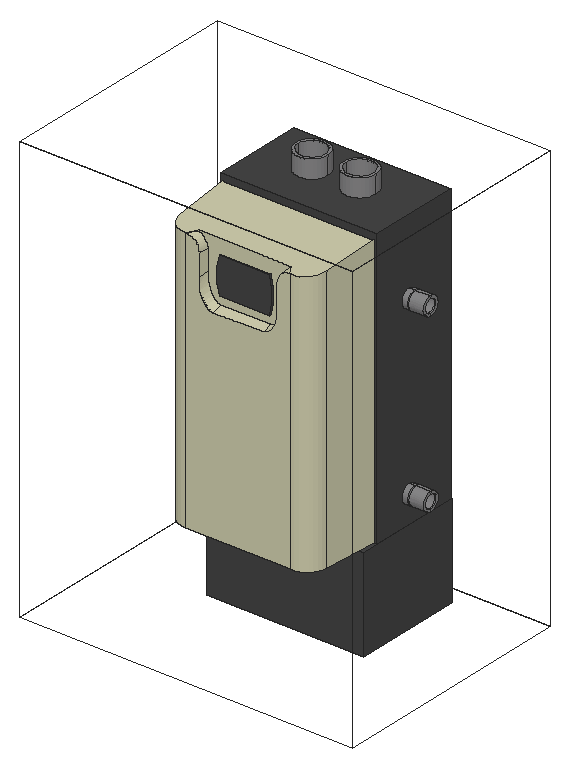
Revit family "Boiler-Weil-McLain-Evergreen_Gas_Boiler EVG70", category Mechanical Equipment, Revit 2015
Parameters (values of type "EVG 70 Combustion Air Size 3"")
  Width = 1' - 5 1/32"  # constant formula
  Warranty = "https://www.weil-mclain.com/warranties"
  Voltage = 120 V
  URL = "https://www.weil-mclain.com/"
  Product Page URL = "https://www.weil-mclain.com/products/evergreen-gas-boiler"
  Product Name = "Evergreen Gas Boiler"  # constant formula
  Product Documentation Link = "https://www.weil-mclain.com/sites/default/files/field-file/evergreen-brochure-1017.pdf"
  Phase = 1
  Model = "Evergreen 70 Gas Boiler"
  Material = ""
  Manufacturer Phone Number = "855-248-1777"  # constant formula
  Manufacturer Fax = "630-560-3769"  # constant formula
  Manufacturer Contact Information = "https://www.weil-mclain.com/contact"
  Manufacturer Address = "999 McClintock Drive, Suite 200, Burr Ridge, IL 60527"  # constant formula
  Manufacturer = "Weil-McLain"  # constant formula
  Height = 2' - 8 7/32"
  Gas Connection Size = 1/2"
  Gas Connection Radius = Gas Connection Size / 2  # 1/4"
  Front Casing = Plastic - Weil-McLain - Paint Tan
  Frequency = 60 Hz
  Feet = Plastic - Weil-Mclain - Plastic - White
  Description = "Evergreen High-Efficiency Condensing Gas Boiler "  # constant formula
  Depth = 0' - 11"
  Clearance Depth = 1' - 3.49949"
  Clearance [instance] = yes
  Boiler Water Out Radius = Boiler Water Out / 2  # 1/2"
  Boiler Water Out = 1"
  Boiler Water In Radius = Boiler Water In / 2  # 1/2"
  Boiler Water In = 1"
  Back Casing = Metal - Weil-Mclain - Paint Black
  Air Vent Radius = 1 1/2"
Types (5): name | Model | Boiler Water Out Radius | Boiler Water Out | Boiler Water In Radius | Boiler Water In | Air Vent Radius
  (no name) | "Evergreen 70 Gas Boiler" | 1/2" | 1" | 1/2" | 1" | 1 1/2"
  EVG 70 Combustion Air Size 3" | "Evergreen 70 Gas Boiler" | 1/2" | 1" | 1/2" | 1" | 1 1/2"
  EVG 70 | "Evergreen 70 Gas Boiler" | 1/2" | 1" | 1/2" | 1" | 1"
  EVG 110 | "Evergreen 110 Gas Boiler" | 1/2" | 1" | 1/2" | 1" | 1 1/2"
  EVG 155 | "Evergreen 155 Gas Boiler" | 5/8" | 1 1/4" | 5/8" | 1 1/4" | 1 1/2"
Reference planes (in)
  plane 1 "Center (Front/Back)": y = 0
  plane 2: z = 0
  plane 3 "Center (Left/Right)": x = 0
  plane 4: y = 7.44
  plane 5: x = -8.51562
  plane 6: x = 8.51563
  plane 7: z = 31.03125
  plane 8: y = 17.5
  plane 9: x = 7.37782
  plane 10 "Top": z = 32.96875
  plane 11: x = 10.91104
  plane 12: y = 11.40248
  plane 13: z = 32.62702
  plane 14: x = 5.80384
  plane 15: x = 6.80384
  plane 16 "Bottom": z = -0.00051
  plane 17: z = 0.75
  plane 18: y = 11.39557
  plane 19: z = 2.74026
  plane 20: y = 0.83832
  plane 21: z = 31.1875
  plane 22: x = 8.65829
  plane 23: x = -8.65829
  plane 24: y = 12.875
  plane 25: x = -5.80384
  plane 26: x = -6.80384
  plane 27: y = 14.70994
  plane 28: y = 1.84069
  plane 29 "Left": x = -18.39011
  plane 30 "Right": x = 17.85886
  plane 31: x = -2.89062
  plane 32: x = 2.35938
  plane 33 "Front": y = -7.52996
  plane 34 "Back": y = 19.47004
  plane 35: x = 8.24693
  plane 36: x = -8.24693
  plane 37: z = 37.19929
  plane 38: z = -9.375
  plane 39: z = 22.9375
  plane 40: z = 3.8125
Forms (in)
  Extrusion 1, solid, material "Metal - Weil-Mclain - Paint Black" <- "Back Casing"
    sketch origin (0, 0, 0.70949) x (0, 1, 0) y (0, 0, 1)
      loop
        line (17.5, 30.32176) -> (7.44, 30.32176) -> (7.44, 0.04051) -> (17.5, 0.04051) -> (17.5, 30.32176)
    from -8.51562 to 8.51562
  Extrusion 2, solid, material "Metal - Weil-Mclain - Paint Black" <- "Back Casing"
    sketch origin (-0.0187, 0, 0.70949) x (1, 0, 0) y (0, 0, 1)
      loop
        line (-7.44498, 4.5) -> (-7.44498, 0.04051) -> (7.44498, 0.04051) -> (7.44498, 4.5) -> (-7.44498, 4.5)
    from -7.44 to -0.83832
  Extrusion 3, solid, material "Metal - Weil-Mclain - Sheet Metal"
    sketch origin (-0.0187, 0, 0) x (1, 0, 0) y (0, 1, 0)
      loop
        circle (-2.87193, 12.875) r 1.75
      loop
        circle (-2.87193, 12.875) r 1.5
      loop
        circle (2.37807, 12.875) r 1.75
      loop
        circle (2.37807, 12.875) r 1.5
    from 31.03125 to 32.96875
  Revolve 4, solid, material "Metal - Weil-Mclain - Sheet Metal"
    sketch origin (-0.7687, 11.82038, -8.32026) x (1, 0, 0) y (0, 0, 1)
      loop
        line (11.5374, 12.99662) -> (11.5374, 12.88276) -> (11.67974, 12.88276) -> (11.67974, 13.10966) -> (10.12973, 13.10966) -> (10.12973, 13.00966) -> (10.00184, 13.00966) -> (10.00184, 13.10966) -> (9.28432, 13.10966) -> (9.28432, 12.99662) -> (11.5374, 12.99662)
      axis (9.28432, 12.13276) -> (11.67974, 12.13276)
    angle from 0 to 360
  Revolve 5, solid, material "Metal - Weil-Mclain - Sheet Metal"
    sketch origin (-0.7687, 11.79752, 10.76181) x (1, 0, 0) y (0, 0, 1)
      loop
        line (11.5374, 13.03955) -> (11.5374, 12.92569) -> (11.67974, 12.92569) -> (11.67974, 13.15259) -> (10.12973, 13.15259) -> (10.12973, 13.0526) -> (10.00184, 13.0526) -> (10.00184, 13.15259) -> (9.28432, 13.15259) -> (9.28432, 13.03955) -> (11.5374, 13.03955)
      axis (9.28432, 12.17569) -> (11.67974, 12.17569)
    angle from 0 to 360
  Extrusion 6, solid, material "Metal - Weil-Mclain - Sheet Metal"
    sketch origin (0, 0.1754, -6.34961) x (0, 1, 0) y (0, 0, 1)
      loop
        circle (11.22017, 9.08987) r 0.375
      loop
        circle (11.22017, 9.08987) r 0.44051
    from -9.39815 to -8.51562
  Extrusion 7, solid, material "Clearances - Weil McLain", visible <- "Clearance"
    sketch origin (0, 0, 0) x (1, 0, 0) y (0, 1, 0)
      loop
        line (-18.39011, 19.47004) -> (-18.39011, -7.52996) -> (17.85886, -7.52996) -> (17.85886, 19.47004) -> (-18.39011, 19.47004)
    from -9.375 to 37.19929
  Extrusion 8, solid, material "Metal - Weil-Mclain - Paint Black" <- "Back Casing"
    sketch origin (0, 0, 0) x (1, 0, 0) y (0, 1, 0)
      loop
        line (-8.51562, 17.5) -> (-8.51562, 5.52911) -> (8.65829, 5.52911) -> (8.65829, 17.5) -> (-8.51562, 17.5)
    from -9.375 to 0.75
Cuts and joins
  joined: Extrusion 1, Extrusion 2
Lines and regions (in)
  Masking region 1
    outline origin (0, 0, 0) x (1, 0, 0) y (0, 1, 0)
      loop
        line (8.51563, 7.44) -> (8.51563, 17.5) -> (-8.51562, 17.5) -> (-8.51562, 7.44) -> (8.51563, 7.44)
  Masking region 2, detail levels fine
    outline origin (0, 0, 0) x (1, 0, 0) y (0, 1, 0)
      loop
        line (8.51563, 12.65128) -> (8.51563, 10.92356) -> (9.26368, 10.92356) -> (9.26368, 10.81039) -> (9.98314, 10.81039) -> (9.98314, 10.91052) -> (10.11065, 10.91052) -> (10.11065, 10.81039) -> (10.91104, 10.81039) -> (10.91104, 12.7638) -> (10.11103, 12.7638) -> (10.11103, 12.66306) -> (9.98288, 12.66306) -> (9.98288, 12.7638) -> (9.26562, 12.7638) -> (9.26562, 12.65128) -> (8.51563, 12.65128)
      loop
        line (-8.51562, 11.82998) -> (-9.39815, 11.82998) -> (-9.39815, 10.94895) -> (-8.51562, 10.94895) -> (-8.51562, 11.82998)
  symbolic lines, detail levels medium+fine
    curve 1: circle (-2.89446, 12.88241, 0) r 1.5 normal (0, 0, 1)
    curve 2: circle (2.36212, 12.86822, 0) r 1.5 normal (0, 0, 1)
  symbolic lines, visible <- "Clearance"
    curve 3: line (-18.39011, 19.47004, 0) -> (17.85886, 19.47004, 0)
    curve 4: line (-18.39011, -7.52996, 0) -> (-18.39011, 19.47004, 0)
    curve 5: line (17.85886, -7.52996, 0) -> (-18.39011, -7.52996, 0)
    curve 6: line (17.85886, 19.47004, 0) -> (17.85886, -7.52996, 0)
Dimensions and locks (in)
  equal spacing: plane 5, plane 3 "Center (Left/Right)", plane 6
  "Width": plane 5 to plane 6
  plane 3 "Center (Left/Right)" to plane 9 = 0' - 7.37782"
  "Height": plane 10 "Top" to plane 17
  plane 12 to plane 18 = 0' - 0.00691"
  locked: plane 17 to level at 0.75
  plane 13 to level = 2' - 8.62702"
  locked: plane 10 "Top" to plane 7 at 1.9375
  locked: plane 21 to plane 7 at 0.15625
  plane 8 to plane 12 to plane 4 to plane 20 to plane 1 "Center (Front/Back)" = 0' - 6.09752", 0' - 3.96248", 0' - 6.60168", 0' - 0.83832"
  plane 19 to level = 0' - 2.74026"
  Extrusion 3 sketch curve to plane 24 = 0' - 1 3/4"
  plane 5 to plane 26 to plane 25 = 0' - 1.71179" locked, 0' - 1" locked
  plane 14 to plane 15 to plane 6 = 0' - 1" locked, 0' - 1.71179" locked
  locked: plane 8 to plane 27 at 2.79006
  locked: plane 28 to plane 20 at 1.00237
  "Clearance Depth": plane 29 "Left" to plane 31
  "Clearance Depth": plane 32 to plane 30 "Right"
  plane 5 to plane 31 = 0' - 5 5/8"
  plane 32 to plane 6 = 0' - 6 5/32"
  locked: plane 8 to Extrusion 7 sketch curve at 1.97004
  plane 10 "Top" to plane 21 to plane 7 = 0' - 1 25/32", 0' - 0 5/32"
  locked: plane 34 "Back" to plane 8 at 1.97004
  plane 1 "Center (Front/Back)" to plane 33 "Front" = 0' - 7.52996"
  plane 36 to plane 5 to plane 23 = 0' - 0.2687" locked, 0' - 0.14267" locked
  plane 35 to plane 6 to plane 22 = 0' - 0.2687" locked, 0' - 0.14267" locked
  plane 32 to plane 3 "Center (Left/Right)" to plane 31 = 0' - 2 23/64", 0' - 2 57/64"
  locked: plane 22 to plane 11 at 2.25275
  locked: plane 37 to plane 13 at 4.57226
  locked: Extrusion 2 sketch curve to plane 6 at 1.08934
  locked: Extrusion 2 sketch curve to plane 5 at 1.05194
  plane 4 to Revolve 5 sketch curve = 0' - 4.35752"
  plane 4 to Revolve 4 sketch curve = 0' - 4.38038"
  locked: plane 17 to plane 38 at 10.125
  plane 31 to plane 32 = 0' - 5 1/4"
  plane 24 to plane 8 = 0' - 4 5/8"
  locked: plane 40 to plane 17 at 3.0625
  locked: plane 39 to plane 40 at 19.125
  "Air Vent Radius": radius of curve 1
  "Air Vent Radius": radius of curve 2
  aligned and locked: level to plane 2
  aligned and locked: plane 8 to Extrusion 1 sketch curve
  aligned and locked: Extrusion 1 sketch curve to plane 7
  aligned and locked: plane 4 to Extrusion 1 sketch curve
  aligned and locked: Extrusion 1 to plane 5
  aligned and locked: Extrusion 1 to plane 6
  aligned and locked: plane 4 to Extrusion 2
  aligned and locked: Extrusion 3 to plane 7
  aligned and locked: plane 10 "Top" to Extrusion 3
  aligned and locked: cut or joined group of Extrusion 1, Extrusion 2 to plane 17  (x3)
  aligned and locked: plane 17 to cut or joined group of Extrusion 1, Extrusion 2
  aligned and locked: plane 18 to Extrusion 6 sketch curve  (x2)
  aligned and locked: plane 19 to Extrusion 6 sketch curve  (x2)
  aligned and locked: Extrusion 2 to plane 20
  aligned and locked: Extrusion 3 to plane 10 "Top"  (x2)
  aligned and locked: plane 7 to Extrusion 3  (x2)
  aligned and locked: nested 2 to plane 26
  aligned and locked: nested 4 to plane 14
  aligned and locked: nested 1 to plane 15
  aligned and locked: nested 3 to plane 25
  aligned and locked: plane 27 to nested 2
  aligned and locked: nested 1 to plane 27
  aligned and locked: plane 29 "Left" to Extrusion 7 sketch curve
  aligned and locked: Extrusion 7 sketch curve to plane 30 "Right"
  aligned and locked: Masking region 1 sketch curve to cut or joined group of Extrusion 1, Extrusion 2  (x4)
  aligned and locked: plane 7 to cut or joined group of Extrusion 1, Extrusion 2
  aligned and locked: Extrusion 2 sketch curve to plane 17
  aligned and locked: plane 4 to cut or joined group of Extrusion 1, Extrusion 2
  aligned and locked: cut or joined group of Extrusion 1, Extrusion 2 to plane 20
  aligned and locked: plane 3 "Center (Left/Right)" to nested 5
  aligned and locked: plane 4 to nested 5
  aligned and locked: Extrusion 8 to plane 38
  aligned and locked: plane 17 to Extrusion 8
  aligned and locked: nested 2 to plane 38
  aligned and locked: nested 3 to plane 38
  aligned and locked: plane 38 to nested 1
  aligned and locked: plane 38 to nested 4
  aligned and locked: plane 4 to nested 3
  aligned and locked: nested 4 to plane 4
  aligned and locked: Extrusion 7 to plane 38
  aligned and locked: plane 37 to Extrusion 7
Automatic sketch dimensions
  plane 6 to Revolve 5 sketch curve = 0' - 0 3/4"
  Revolve 5 sketch curve to plane 13 = 0' - 9.68952"
  plane 22 to Revolve 5 sketch curve = 0' - 0.14267"
  Revolve 5 sketch curve to Revolve 5 sketch curve = 0' - 0.71751"
  Revolve 5 sketch curve to Revolve 5 sketch curve = 0' - 0.12789"
  Revolve 5 sketch curve to plane 11 = 0' - 1.81718"
  Revolve 5 sketch curve to Revolve 5 sketch curve = 0' - 0.01304"
  plane 6 to Revolve 4 sketch curve = 0' - 0 3/4"
  plane 22 to Revolve 4 sketch curve = 0' - 0.14267"
  Revolve 4 sketch curve to Revolve 4 sketch curve = 0' - 0.71751"
  Revolve 4 sketch curve to Revolve 4 sketch curve = 0' - 0.12789"
  Revolve 4 sketch curve to plane 11 = 0' - 1.81718"
  Revolve 4 sketch curve to Revolve 4 sketch curve = 0' - 0.01304"
  Extrusion 1 sketch curve to plane 17 = 0' - 0"
  Extrusion 7 sketch curve to plane 33 "Front" = 0' - 0"
  Extrusion 2 sketch curve to Extrusion 2 sketch curve = 0' - 4.45949"
  Extrusion 8 sketch curve to plane 5 = 0' - 0"
  Extrusion 8 sketch curve to plane 22 = 0' - 0"
  plane 8 to Extrusion 8 sketch curve = 0' - 0"
  Extrusion 8 sketch curve to plane 4 = 0' - 1.91089"
  Extrusion 3 sketch curve to Extrusion 3 sketch curve = 0' - 0"  (x4)
  plane 31 to Extrusion 3 sketch curve = 0' - 0"
  plane 32 to Extrusion 3 sketch curve = 0' - 0"
  plane 24 to Extrusion 3 sketch curve = 0' - 0"  (x2)
  Masking region 2 sketch curve to plane 5 = 0' - 0"
  Masking region 2 sketch curve to plane 6 = 0' - 0"
  Masking region 2 sketch curve to plane 11 = 0' - 0"
  Masking region 2 sketch curve to plane 23 = 0' - 0.73986"
  Masking region 2 sketch curve to plane 22 = 0' - 0.60538"
  Masking region 2 sketch curve to plane 22 = 0' - 0.60733"
  Masking region 2 sketch curve to Masking region 2 sketch curve = 0' - 0.71725"
  Masking region 2 sketch curve to Masking region 2 sketch curve = 0' - 0.71946"
  Masking region 2 sketch curve to Masking region 2 sketch curve = 0' - 0.12751"
  Masking region 2 sketch curve to Masking region 2 sketch curve = 0' - 0.12816"
  Masking region 2 sketch curve to plane 12 = 0' - 0.59209"
  Masking region 2 sketch curve to Masking region 2 sketch curve = 0' - 0"
  Masking region 2 sketch curve to Masking region 2 sketch curve = 0' - 0.10013"
  Masking region 2 sketch curve to Masking region 2 sketch curve = 0' - 0.11317"
  Masking region 2 sketch curve to plane 12 = 0' - 0.45353"
  plane 12 to Masking region 2 sketch curve = 0' - 0.42749"
  plane 12 to Masking region 2 sketch curve = 0' - 1.24879"
  Masking region 2 sketch curve to Masking region 2 sketch curve = 0' - 0.01179"
  Masking region 2 sketch curve to Masking region 2 sketch curve = 0' - 0.11252"
  Masking region 2 sketch curve to Masking region 2 sketch curve = 0' - 0.10073"
  curve 5 to plane 29 "Left" = 0' - 0"
  curve 5 to plane 30 "Right" = 0' - 0"
  curve 4 to plane 33 "Front" = 0' - 0"
  plane 34 "Back" to curve 3 = 0' - 0"
  curve 1 to plane 31 = 0' - 0.00384"
  curve 2 to plane 32 = 0' - 0.00274"
  plane 12 to curve 2 = 0' - 1.46574"
  plane 12 to curve 1 = 0' - 1.47993"
  radius of Extrusion 6 sketch curve = 0' - 0 3/8"
  radius of Extrusion 6 sketch curve = 0' - 0.44051"
  radius of Extrusion 3 sketch curve = 0' - 1 1/2"  (x2)
  radius of Extrusion 3 sketch curve = 0' - 1 3/4"
Nested families (in)
  nested 1: "Feet" at (6.80384, 14.70994, -10.085), type "Feet"
  nested 2: "Feet" at (-6.80384, 14.70994, -10.085) x (-1, 0, 0) z (0, 0, 1), type "Feet"
  nested 3: "Feet" at (-5.80384, 7.44, -10.085) x (-1, 0, 0) z (0, 0, 1), type "Feet"
  nested 4: "Feet" at (5.80384, 7.44, -10.085), type "Feet"
  nested 5: "Evergreen_Gas_Boiler-Front_Case_EVG" at (0, 1.94, -3.7307), type "Evergreen_Gas_Boiler-Front_Case_EVG"
Connectors (in)
  piping at (-2.89062, 12.875, 32.96875), diameter 3, driven by "Air Vent Radius"
    settings: on Extrusion 3, index 1, connector inside diameter 3", connector length 0' - 0", flow factor 0, pipe flow 0 GPM, pressure drop 0.00 psi, fitting loss kfactor 0, connector angle 0.00°, fixture units 0, engagement length 0' - 0", angle of deflection 0.00°, flow configuration 0, flow direction 1, fitting loss method 0, system type 17, joint type 0, gender type 0, connector reference index -1, connector utility 0, adjustable connector no, is connector primary yes, connector description "Vent Connection"
  piping at (2.35938, 12.875, 32.96875), diameter 3, driven by "Air Vent Radius"
    settings: on Extrusion 3, index 2, connector inside diameter 3", connector length 0' - 0", flow factor 0, pipe flow 0 GPM, pressure drop 0.00 psi, fitting loss kfactor 0, connector angle 0.00°, fixture units 0, engagement length 0' - 0", angle of deflection 0.00°, flow configuration 0, flow direction 2, fitting loss method 0, system type 17, joint type 0, gender type 0, connector reference index -1, connector utility 0, adjustable connector no, is connector primary no, connector description "Air Connection"
  piping at (10.91104, 11.79752, 22.9375), diameter 1, driven by "Boiler Water In Radius"
    settings: on Revolve 5, index 3, connector inside diameter 1 1/2", connector length 0' - 0", flow factor 0, pipe flow 0 GPM, pressure drop 0.00 psi, fitting loss kfactor 0, connector angle 0.00°, fixture units 0, engagement length 0' - 0", angle of deflection 0.00°, flow configuration 0, flow direction 1, fitting loss method 0, system type 7, joint type 0, gender type 0, connector reference index -1, connector utility 0, adjustable connector no, is connector primary no, connector description "Water Supply Connection"
  piping at (10.91104, 11.82038, 3.8125), diameter 1, driven by "Boiler Water Out Radius"
    settings: on Revolve 4, index 4, connector inside diameter 1 1/2", connector length 0' - 0", flow factor 0, pipe flow 0 GPM, pressure drop 0.00 psi, fitting loss kfactor 0, connector angle 0.00°, fixture units 0, engagement length 0' - 0", angle of deflection 0.00°, flow configuration 0, flow direction 2, fitting loss method 0, system type 8, joint type 0, gender type 0, connector reference index -1, connector utility 0, adjustable connector no, is connector primary no, connector description "Water Return Connection"
  piping at (-9.39815, 11.39557, 2.74026), diameter 0.5, driven by "Gas Connection Radius"
    settings: on Extrusion 6, index 5, connector inside diameter 3/4", connector length 0' - 0", flow factor 0, pipe flow 0 GPM, pressure drop 0.00 psi, fitting loss kfactor 0, connector angle 0.00°, fixture units 0, engagement length 0' - 0", angle of deflection 0.00°, flow configuration 0, flow direction 1, fitting loss method 0, system type 22, joint type 0, gender type 0, connector reference index -1, connector utility 0, adjustable connector no, is connector primary no, connector description "Gas Connection"
  electrical at (0, 17.5, 15.89062), driven by "Voltage"
    settings: on cut or joined group of Extrusion 1, Extrusion 2, index 6, voltage 120 V, apparent load 0 VA, apparent load phase1 0 VA, apparent load phase2 0 VA, apparent load phase3 0 VA, power factor 1, load classification "Other", number of poles 1, system type 31, power factor state 1, is connector primary yes, connector utility no, sub classification motor no, connector description "Power Connection"
Definition of nested family "Feet"
  Parameters
    Feet = none
  Reference planes (in)
    plane 1 "Center (Front/Back)": y = 0
    plane 2: z = 0
    plane 3 "Center (Left/Right)": x = 0
  Forms (in)
    Revolve 1, solid, material <- "Feet"
      sketch origin (7.78188, 0, -0.54416) x (1, 0, 0) y (0, 0, 1)
        loop
          line (-7.78188, 1.25416) -> (-7.78188, 0.54416) -> (-7.14188, 0.54416)
          arc (-7.14188, 0.54416) -> (-7.09945, 0.56174) -> (-7.08188, 0.60416) r 0.06
          line (-7.08188, 0.60416) -> (-7.08188, 0.94416)
          arc (-7.08188, 0.94416) -> (-7.09945, 0.98659) -> (-7.14188, 1.00416) r 0.06
          line (-7.14188, 1.00416) -> (-7.52776, 1.00416) -> (-7.52776, 1.25416) -> (-7.78188, 1.25416)
        axis (-7.78188, 0.54416) -> (-7.78188, 1.25416)
      angle from 0 to 360
  Dimensions and locks (in)
    Revolve 1 sketch curve to Revolve 1 sketch curve to Revolve 1 sketch curve to Revolve 1 sketch curve to plane 3 "Center (Left/Right)" = 0' - 0.06" locked, 0' - 0" locked, 0' - 0.38588" locked, 0' - 0.25412" locked
    Revolve 1 sketch curve to Revolve 1 sketch curve to plane 2 = 0' - 0 1/4" locked, 0' - 0.46" locked
    aligned and locked: plane 2 to level
    aligned and locked: plane 3 "Center (Left/Right)" to Revolve 1 sketch curve  (x2)
    aligned and locked: plane 2 to Revolve 1 sketch curve
Definition of nested family "Evergreen_Gas_Boiler-Front_Case_EVG"
  Parameters (values of type "Evergreen_Gas_Boiler-Front_Case_EVG")
    Width = 1' - 11"
    Name Plate = none
    Logo = none
    Front Casting = none
    Depth = 0' - 11"
  Reference planes (in)
    plane 1 "Center (Front/Back)": y = 0
    plane 2: z = 0
    plane 3 "Center (Left/Right)": x = 0
    plane 4: y = 5.5
    plane 5: y = -5.5
    plane 6: x = -11.5
    plane 7: x = 11.5
    plane 8: z = 42.3125
    plane 9: z = 27.94201
    plane 10: z = 22.94201
    plane 11: z = 17.94201
    plane 12: z = 12.94201
    plane 13: z = 7.94201
    plane 14: z = 32.94201
    plane 15: z = 4.5
    plane 16: y = -5.54341
    plane 17: y = -3.5
    plane 18: y = -5.57466
    plane 19: z = 33.43168
    plane 20: x = -2.43245
  Forms (in)
    Extrusion 1, solid, material <- "Front Casting"
      sketch origin (0, 0, 0) x (1, 0, 0) y (0, 1, 0)
        loop
          line (-8.22824, 5.5) -> (-7.96222, -0.61993)
          arc (-7.96222, -0.61993) -> (-7.27988, -2.11934) -> (-5.74788, -2.725) r 2.2007
          line (-5.74788, -2.725) -> (5.74788, -2.725)
          arc (5.74788, -2.725) -> (7.27988, -2.11934) -> (7.96222, -0.61993) r 2.2007
          line (7.96222, -0.61993) -> (8.22824, 5.5) -> (-8.22824, 5.5)
      from 2.71694 to 35.39122
    Extrusion 2, void
      sketch origin (0, 0, 0) x (0, 1, 0) y (0, 0, 1)
        loop
          line (-9.10613, 33.04182) -> (6.39387, 34.12569) -> (6.39387, 38.83889) -> (-9.10613, 38.83889) -> (-9.10613, 33.04182)
      from -10.91475 to 12
    Extrusion 3, void
      sketch origin (0, 0, 0) x (0, 1, 0) y (0, 0, 1)
        loop
          line (-5, 4.69462) -> (-5, -1.5) -> (8, -1.5) -> (8, 4.4677) -> (-5, 4.69462)
      from -12.69592 to 12
    SweptBlend 4, void
      path origin (0, 0, 0) x (1, 0, 0) y (0, 1, 0)
        loop
          line (0, -1.72755) -> (0, -2.77559)
      profile origin (0, -1.72755, 0) x (1, 0, 0) y (0, 0, 1)
        loop
          spline (-4.15, 29.90339) -> (-4.11381, 29.47332) -> (-4.06292, 29.0791) -> (-3.99735, 28.72071) -> (-3.91708, 28.39815) -> (-3.82211, 28.11144) -> (-3.71245, 27.86055) -> (-3.5881, 27.64551) -> (-3.44905, 27.4663) -> (-3.29532, 27.32292) -> (-3.12688, 27.21538) -> (-2.94376, 27.14368) -> (-2.74594, 27.10781)
          line (-2.74594, 27.10781) -> (2.74594, 27.10781)
          spline (2.74594, 27.10781) -> (2.94376, 27.14368) -> (3.12688, 27.21538) -> (3.29532, 27.32292) -> (3.44905, 27.4663) -> (3.5881, 27.64551) -> (3.71245, 27.86055) -> (3.82211, 28.11144) -> (3.91708, 28.39815) -> (3.99735, 28.72071) -> (4.06292, 29.0791) -> (4.11381, 29.47332) -> (4.15, 29.90339)
          line (4.15, 29.90339) -> (4.15, 32.03392)
          arc (4.15, 32.03392) -> (4.40117, 32.88177) -> (5.07361, 33.456) r 1.5566
          line (5.07361, 33.456) -> (5.07361, 35.57714) -> (-5.07361, 35.57714) -> (-5.07361, 33.456)
          arc (-5.07361, 33.456) -> (-4.40117, 32.88177) -> (-4.15, 32.03392) r 1.5566
          line (-4.15, 32.03392) -> (-4.15, 29.90339)
      end profile origin (0, -2.77559, 0) x (1, 0, 0) y (0, 0, 1)
        loop
          spline (-4.25, 29.66885) -> (-4.24846, 29.25825) -> (-4.22442, 28.87813) -> (-4.17788, 28.52849) -> (-4.10884, 28.20933) -> (-4.01731, 27.92064) -> (-3.90328, 27.66244) -> (-3.76675, 27.43472) -> (-3.60772, 27.23747) -> (-3.42619, 27.07071) -> (-3.22216, 26.93442) -> (-2.99564, 26.82861) -> (-2.74662, 26.75328)
          line (-2.74662, 26.75328) -> (2.74662, 26.75328)
          spline (2.74662, 26.75328) -> (2.99564, 26.82861) -> (3.22216, 26.93442) -> (3.42619, 27.07071) -> (3.60772, 27.23747) -> (3.76675, 27.43472) -> (3.90328, 27.66244) -> (4.01731, 27.92064) -> (4.10884, 28.20933) -> (4.17788, 28.52849) -> (4.22442, 28.87813) -> (4.24846, 29.25825) -> (4.25, 29.66885)
          line (4.25, 29.66885) -> (4.25, 32.04263)
          arc (4.25, 32.04263) -> (4.67335, 33.06469) -> (5.6954, 33.48803) r 1.4454
          line (5.6954, 33.48803) -> (5.6954, 35.73803) -> (-5.6954, 35.73803) -> (-5.6954, 33.48803)
          arc (-5.6954, 33.48803) -> (-4.67335, 33.06469) -> (-4.25, 32.04263) r 1.4454
          line (-4.25, 32.04263) -> (-4.25, 29.66885)
    Extrusion 5, solid, material <- "Name Plate"
      sketch origin (0, 0, 0) x (1, 0, 0) y (0, 0, 1)
        loop
          arc (-2.72817, 32.02358) -> (-3.01428, 30.00067) -> (-2.72817, 27.97775) r 7.29466
          line (-2.72817, 27.97775) -> (2.72817, 27.97775)
          arc (2.72817, 27.97775) -> (3.01428, 30.00067) -> (2.72817, 32.02358) r 7.29466
          line (2.72817, 32.02358) -> (-2.72817, 32.02358)
      from 0 to 1.85513
  Cuts and joins
    Extrusion 2, Extrusion 3, SweptBlend 4 cuts Extrusion 1
  Dimensions and locks (in)
    equal spacing: plane 4, plane 1 "Center (Front/Back)", plane 5
    equal spacing: plane 6, plane 3 "Center (Left/Right)", plane 7
    "Width": plane 6 to plane 7
    "Depth": plane 4 to plane 5
    plane 8 to level = 3' - 6 5/16"
    aligned and locked: plane 2 to level
    aligned and locked: Extrusion 1 sketch curve to plane 4
  Automatic sketch dimensions
    plane 1 "Center (Front/Back)" to Extrusion 1 sketch curve = 0' - 0.61993"  (x2)
    plane 17 to Extrusion 1 sketch curve = 0' - 0.775"
    Extrusion 1 sketch curve to Extrusion 1 sketch curve = 0' - 0.01571"
    Extrusion 1 sketch curve to Extrusion 1 sketch curve = 0' - 2.19862"  (x2)
    plane 6 to Extrusion 1 sketch curve = 0' - 3.27176"
    plane 6 to Extrusion 1 sketch curve = 0' - 3.53778"
    plane 7 to Extrusion 1 sketch curve = 0' - 3.27176"
    plane 1 "Center (Front/Back)" to Extrusion 1 sketch curve = 0' - 0.52436"
    plane 3 "Center (Left/Right)" to Extrusion 1 sketch curve = 0' - 5.74788"
    Extrusion 2 sketch curve to plane 18 = 0' - 3.53148"
    Extrusion 2 sketch curve to plane 8 = 0' - 3.47361"
    plane 4 to Extrusion 2 sketch curve = 0' - 0.89387"
    plane 19 to Extrusion 2 sketch curve = 0' - 0.694"
    plane 14 to Extrusion 2 sketch curve = 0' - 0.09981"
    plane 4 to Extrusion 3 sketch curve = 0' - 2 1/2"
    Extrusion 3 sketch curve to level = 0' - 1 1/2"
    Extrusion 3 sketch curve to plane 15 = 0' - 0.0323"
    plane 5 to Extrusion 3 sketch curve = 0' - 0 1/2"
    plane 15 to Extrusion 3 sketch curve = 0' - 0.19462"
    SweptBlend 4 sketch curve to plane 3 "Center (Left/Right)" = 0' - 0"
    plane 17 to SweptBlend 4 sketch curve = 0' - 0.72441"
    SweptBlend 4 sketch curve to SweptBlend 4 sketch curve = 0' - 1.04804"
    profile plane to SweptBlend 4 sketch curve = 0' - 5.7066"
    SweptBlend 4 sketch curve to SweptBlend 4 sketch curve = 0' - 0.63299"
    SweptBlend 4 sketch curve to SweptBlend 4 sketch curve = 0' - 1.5566"  (x2)
    SweptBlend 4 sketch curve to profile plane = 0' - 4.15"
    SweptBlend 4 sketch curve to SweptBlend 4 sketch curve = 0' - 0.92361"
    level to SweptBlend 4 sketch curve = 2' - 5.90339"
    SweptBlend 4 sketch curve to SweptBlend 4 sketch curve = 0' - 0"
    SweptBlend 4 sketch curve to SweptBlend 4 sketch curve = 0' - 2.13053"  (x2)
    SweptBlend 4 sketch curve to SweptBlend 4 sketch curve = 0' - 2.12113"
    profile plane to SweptBlend 4 sketch curve = 0' - 2.74594"
    SweptBlend 4 sketch curve to profile plane = 0' - 2.74594"
    SweptBlend 4 sketch curve to SweptBlend 4 sketch curve = 0' - 2.79557"
    profile plane to SweptBlend 4 sketch curve = 0' - 5.6954"
    SweptBlend 4 sketch curve to SweptBlend 4 sketch curve = 0' - 1.4454"  (x2)
    profile plane to SweptBlend 4 sketch curve = 0' - 2.74662"
    SweptBlend 4 sketch curve to profile plane = 0' - 2.74662"
    SweptBlend 4 sketch curve to SweptBlend 4 sketch curve = 0' - 1.50338"
    level to SweptBlend 4 sketch curve = 2' - 2.75328"
    SweptBlend 4 sketch curve to SweptBlend 4 sketch curve = 0' - 2.91556"
    SweptBlend 4 sketch curve to SweptBlend 4 sketch curve = 0' - 2.37378"  (x2)
    SweptBlend 4 sketch curve to SweptBlend 4 sketch curve = 0' - 2 1/4"  (x2)
    Extrusion 5 sketch curve to plane 20 = 0' - 1.84794"
    Extrusion 5 sketch curve to plane 20 = 0' - 0.29573"  (x2)
    plane 9 to Extrusion 5 sketch curve = 0' - 0.03574"
    plane 3 "Center (Left/Right)" to Extrusion 5 sketch curve = 0' - 2.72817"  (x2)
    Extrusion 5 sketch curve to plane 14 = 0' - 0.91843"
    Extrusion 5 sketch curve to Extrusion 5 sketch curve = 0' - 1.55221"
    plane 9 to Extrusion 5 sketch curve = 0' - 2.05865"
